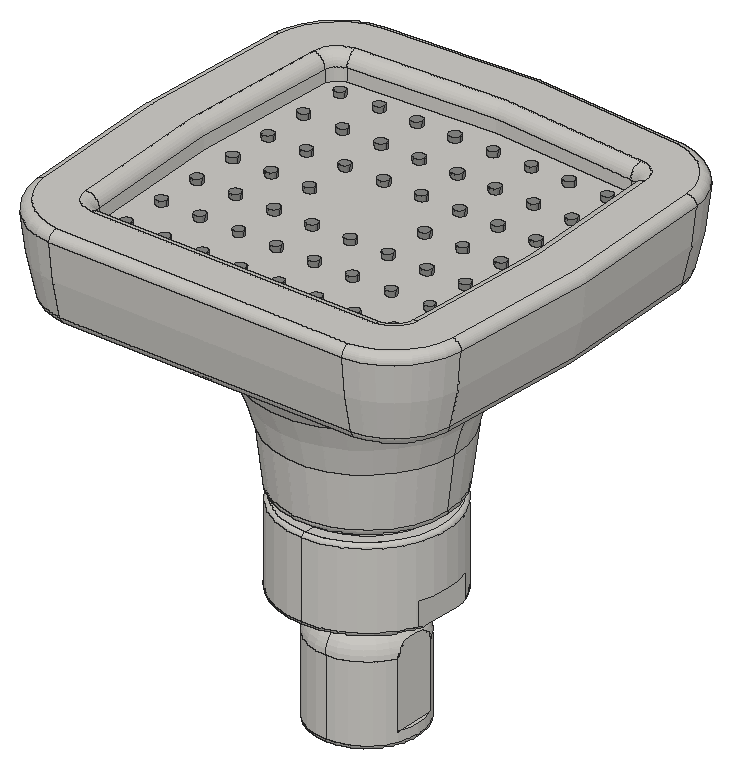
Revit family "Shower-Showerhead-KALLISTA-PER_SE-P24760_1", category Plumbing Fixtures, host Face, Revit 2022
Family settings
  Host = Face
  Round Connector Dimension = Use Diameter
  Part Type = Normal
  OmniClass Number = 23.31.17.00
  OmniClass Title = Showers
  Cut with Voids When Loaded = No
  Maintain Annotation Orientation = No
  Shared = No
  Room Calculation Point = No
Parameters (values of type "AD-Nickel Silver")
  Width = 4 65/256"  # constant formula
  WaterSense Certified = 1 = 1  # yes
  Waste Water Outlet = "Waste Water Outlet"  # constant formula
  Waste Connection = 1 = 0  # no
  Vent Connection = 1 = 0  # no
  URL = "https://www.kallista.com/"
  Type = 1
  Tempered Water Inlet = "Tempered Water Inlet"  # constant formula
  Product Page URL = "https://www.kallista.com/bathroom/showering/showerheads/per-se-air-induction-showerhead-less-arm-p24760-00-ad"
  Product Name = "PER SE"  # constant formula
  Product Documentation Link = "https://resources.kohler.com/interiors/kallista/pdf/1344669-4.pdf"
  Pressure = 0.00 psi
  Panel Thickness = 0"
  Model = if(Type = 1, "P24760-00-AD", if(Type = 2, "P24760-00-AF", if(Type = 3, "P24760-00-AG", if(Type = 4, "P24760-00-CP", if(Type = 5, "P24760-00-SN", "NA")))))  # "P24760-00-AD"
  Material = "Premium Metal Construction"  # constant formula
  Master Format 2014 Name = "Residential Showers"  # constant formula
  Master Format 2014 = "22 42 23"  # constant formula
  Manufacturer Address = "444 Highland Dr, Kohler, WI 53044"  # constant formula
  Manufacturer = "Kallista Co."  # constant formula
  Length = 4 65/256"  # constant formula
  Hot Water Inlet = "Hot Water Inlet"  # constant formula
  Height = 4.25197"  # constant formula
  HW Connection = 1 = 1  # yes
  Flow Rate = 1.75 GPM  # constant formula
  Finish = Kallista-Metal-AD-Nickel_Silver
  Environmental Product Declaration = ""
  Drain Included = 1 = 0  # no
  Description = "AIR-INDUCTION SHOWERHEAD, LESS ARM"  # constant formula
  Default Elevation = 72"
  Declare Label = ""
  Date Modified = "03/26/2022"  # constant formula
  Date Created = "03/26/2022"  # constant formula
  Copyright = "Copyright Kallista Co."  # constant formula
  Contact Us = "https://www.kallista.com/corporate/contact-us/"
  Cold Water Inlet = "Cold Water Inlet"  # constant formula
  CW Connection = 1 = 0  # no
  Assembly Code = "D2010700"
  ADA Compliant = 1 = 0  # no
Types (6): name | Type | Product Page URL | Model | Finish
  (no name) | 1 | "https://www.kallista.com/bathroom/showering/showerheads/per-se-air-induction-showerhead-less-arm-p24760-00-ad" | "P24760-00-AD" | Kallista-Metal-AD-Nickel_Silver
  AF-French Gold | 2 | "https://www.kallista.com/bathroom/showering/showerheads/per-se-air-induction-showerhead-less-arm-p24760-00-af" | "P24760-00-AF" | Kallista-Metal-AF-French_Gold
  SN-Polished Nickel | 5 | "https://www.kallista.com/bathroom/showering/showerheads/per-se-air-induction-showerhead-less-arm-p24760-00-cp" | "P24760-00-SN" | Kallista-Metal-SN-Polished_Nickel
  CP-Polished Chrome | 4 | "https://www.kallista.com/bathroom/showering/showerheads/per-se-air-induction-showerhead-less-arm-p24760-00-cp" | "P24760-00-CP" | Kallista-Metal-CP-Chrome
  AD-Nickel Silver | 1 | "https://www.kallista.com/bathroom/showering/showerheads/per-se-air-induction-showerhead-less-arm-p24760-00-ad" | "P24760-00-AD" | Kallista-Metal-AD-Nickel_Silver
  AG-Brushed Nickel | 3 | "https://www.kallista.com/bathroom/showering/showerheads/per-se-air-induction-showerhead-less-arm-p24760-00-ag" | "P24760-00-AG" | Kallista-Metal-AG-Brushed_Nickel
Reference planes (in)
  plane 1 "Center (Front/Back)": y = 0
  plane 2: z = 0
  plane 3 "Center (Left/Right)": x = 0
  plane 4: y = 2.12598
  plane 5: y = -2.12598
  plane 6: x = -2.12598
  plane 7: x = 2.12792
  plane 8: z = 4.56693
Dimensions and locks (in)
  "Width": plane 6 to plane 7
  "Height": plane 4 to plane 5
  locked: plane 8 to plane 2 at 4.56693
  aligned and locked: plane 2 to host face
  aligned and locked: level to host face
Automatic sketch dimensions
  host sketch curve to host sketch curve = 96"  (x2)
Nested families (in)
  nested 1: "P24760" at (0, 0, 0), type "P24760"
Connectors (in)
  piping at (0, 0, 0), diameter 0.5, driven by "Flow Rate", driven by "WaterSense Certified", driven by "Tempered Water Inlet"
    settings: on nested 1, index 1, connector inside diameter 24", connector length 0", flow factor 0, pipe flow 1.75 GPM, pressure drop 0.00 psi, fitting loss kfactor 0, connector angle 0.00°, fixture units 0, engagement length 0", angle of deflection 0.00°, flow configuration 1, flow direction 1, fitting loss method 0, system type 19, joint type 0, gender type 0, connector reference index -1, connector utility 1, adjustable connector no, is connector primary yes, connector description "Tempered Water Inlet"
Definition of nested family "P24760"
  Parameters (values of type "P24760")
    Material = none
    Default Elevation = 0"
  Reference planes (in)
    plane 1 "Center (Front/Back)": y = 0
    plane 2: z = 0
    plane 3 "Center (Left/Right)": x = 0
    plane 4: x = -2.12598
    plane 5: x = 2.12598
    plane 6: y = 2.12598
    plane 7: y = -2.12598
    plane 8: z = 4.56693
  Forms (in)
    Sweep 1, solid, material <- "Material", detail levels medium+fine
      path origin (0, 0, 4.58125) x (0, 1, 0) y (-1, 0, 0)
        loop
          arc (2.03218, -1.43511) -> (2.12598, 0.001) -> (2.03324, 1.43717) r 11.10229
          arc (2.03324, 1.43717) -> (1.82632, 1.85209) -> (1.40716, 2.05027) r 0.70866
          arc (1.40716, 2.05027) -> (-0.01416, 2.12596) -> (-1.43517, 2.04466) r 12.90338
          arc (-1.43517, 2.04466) -> (-1.86224, 1.83609) -> (-2.06149, 1.4046) r 0.70866
          arc (-2.06149, 1.4046) -> (-2.12599, -0.00384) -> (-2.06402, -1.41239) r 15.71824
          arc (-2.06402, -1.41239) -> (-1.86285, -1.84701) -> (-1.43117, -2.05442) r 0.70866
          arc (-1.43117, -2.05442) -> (-0.01248, -2.12602) -> (1.40585, -2.04771) r 13.46012
          arc (1.40585, -2.04771) -> (1.82502, -1.84979) -> (2.03218, -1.43511) r 0.70866
      profile origin (-0.001, 2.12598, 4.58125) x (-0.00037, -1, 0) y (0, 0, 1)
        loop
          arc (0.08749, 0) -> (0.02648, -0.02627) -> (0.00366, -0.08865) r 0.08396
          arc (0.00366, -0.08865) -> (0.04357, -0.43739) -> (0.1236, -0.77915) r 3.02597
          arc (0.1236, -0.77915) -> (0.16618, -0.84024) -> (0.23685, -0.86371) r 0.11811
          line (0.23685, -0.86371) -> (0.57067, -0.86371) -> (0.57067, -0.11691)
          arc (0.57067, -0.11691) -> (0.53643, -0.03424) -> (0.45376, 0) r 0.11691
          line (0.45376, 0) -> (0.08749, 0)
    Revolve 2, solid, material <- "Material", detail levels medium+fine
      sketch origin (0, 0, 4.58125) x (-1, 0, 0) y (0, 0, -1)
        loop
          line (0, 2.58564) -> (0, 0.74254) -> (1.96707, 0.74254)
          arc (1.96707, 0.74254) -> (1.89842, 0.83726) -> (1.8037, 0.90592) r 0.37138
          arc (1.8037, 0.90592) -> (1.52669, 1.06486) -> (1.26762, 1.25162) r 3.08175
          arc (1.26762, 1.25162) -> (1.13201, 1.3838) -> (1.02417, 1.53946) r 0.98622
          arc (1.02417, 1.53946) -> (0.91664, 1.77221) -> (0.84606, 2.0187) r 1.66741
          arc (0.84606, 2.0187) -> (0.80398, 2.27282) -> (0.7812, 2.5294) r 3.40938
          arc (0.7812, 2.5294) -> (0.76285, 2.56933) -> (0.72203, 2.58564) r 0.05925
          line (0.72203, 2.58564) -> (0, 2.58564)
        axis (0, 0.74254) -> (0, 2.58564)
      angle from 0 to 360
    Revolve 3, solid, material <- "Material", detail levels medium+fine
      sketch origin (0, 0, 0) x (0, 1, 0) y (0, 0, 1)
        loop
          line (0, 0) -> (0.4604, 0)
          arc (0.4604, 0) -> (0.48573, 0.01049) -> (0.49623, 0.03583) r 0.03583
          line (0.49623, 0.03583) -> (0.49623, 0.75506)
          arc (0.49623, 0.75506) -> (0.45848, 0.87978) -> (0.35789, 0.96263) r 0.2249
          arc (0.35789, 0.96263) -> (0.31426, 1.016) -> (0.33431, 1.08195) r 0.0732
          line (0.33431, 1.08195) -> (0.38734, 1.13498) -> (0.75015, 1.13498)
          arc (0.75015, 1.13498) -> (0.76911, 1.14284) -> (0.77697, 1.1618) r 0.02682
          line (0.77697, 1.1618) -> (0.77697, 1.88573)
          arc (0.77697, 1.88573) -> (0.76623, 1.91165) -> (0.74031, 1.92239) r 0.03665
          line (0.74031, 1.92239) -> (0.63883, 1.92239) -> (0.63883, 1.99562) -> (0, 1.99562) -> (0, 0)
        axis (0, 1.99562) -> (0, 0)
      angle from 0 to 360
    Extrusion 4, solid, material <- "Material", detail levels medium+fine
      sketch origin (0, 0, 0) x (1, 0, 0) y (0, 1, 0)
        loop
          arc (-1.35295, -1.49316) -> (0.00435, -1.55532) -> (1.36177, -1.4956) r 15.14757
          arc (1.36177, -1.4956) -> (1.4464, -1.45643) -> (1.48678, -1.37237) r 0.13799
          arc (1.48678, -1.37237) -> (1.55535, -0.01383) -> (1.48037, 1.34437) r 12.88946
          arc (1.48037, 1.34437) -> (1.44183, 1.42599) -> (1.36108, 1.46633) r 0.13799
          arc (1.36108, 1.46633) -> (-0.00121, 1.55532) -> (-1.36356, 1.46734) r 10.53162
          arc (-1.36356, 1.46734) -> (-1.44436, 1.42704) -> (-1.48295, 1.34542) r 0.13799
          arc (-1.48295, 1.34542) -> (-1.5553, -0.01304) -> (-1.47759, -1.3712) r 12.33271
          arc (-1.47759, -1.3712) -> (-1.43697, -1.45436) -> (-1.35295, -1.49316) r 0.13799
      from 3.71754 to 4.3461
    Extrusion 5, void
      sketch origin (0, 0, 0) x (1, 0, 0) y (0, 1, 0)
        loop
          line (0.72458, -0.61312) -> (1.31513, -0.61312) -> (1.31513, 0.51539) -> (0.72458, 0.51539) -> (0.72458, -0.61312)
        loop
          line (-0.72303, -0.69784) -> (-0.72303, 0.51539) -> (-1.51043, 0.51539) -> (-1.51043, -0.69784) -> (-0.72303, -0.69784)
      from 0.92844 to 1.38652
    Extrusion 6, void
      sketch origin (0, 0, 0) x (1, 0, 0) y (0, 1, 0)
        loop
          line (-0.45392, 0.34111) -> (-0.80731, 0.34111) -> (-0.80731, -0.40443) -> (-0.45392, -0.40443) -> (-0.45392, 0.34111)
        loop
          line (0.45522, 0.34111) -> (0.45522, -0.35541) -> (0.70151, -0.35541) -> (0.73801, 0.34111) -> (0.45522, 0.34111)
      from 0.1285 to 0.98828
    Extrusion 7, solid, detail levels medium+fine
      sketch origin (0, 0, 0) x (1, 0, 0) y (0, 1, 0)
        loop
          circle (-1.28445, 1.28271) r 0.04959
        loop
          circle (-0.91425, 1.29087) r 0.04938
        loop
          circle (-0.54946, 1.28873) r 0.05191
        loop
          circle (-0.18395, 1.28731) r 0.05317
        loop
          circle (0.18155, 1.28802) r 0.04887
        loop
          circle (0.54786, 1.28938) r 0.05131
        loop
          circle (0.91154, 1.28877) r 0.05192
        loop
          circle (1.28203, 1.28443) r 0.05015
        loop
          circle (-1.28992, 0.85091) r 0.05107
        loop
          circle (-0.91773, 0.85374) r 0.0513
        loop
          circle (-0.54836, 0.85751) r 0.05197
        loop
          circle (-0.18255, 0.85657) r 0.05189
        loop
          circle (0.18224, 0.85871) r 0.05329
        loop
          circle (0.54632, 0.85638) r 0.05111
        loop
          circle (0.91643, 0.85389) r 0.05111
        loop
          circle (1.28938, 0.85069) r 0.05181
        loop
          circle (-1.28907, 0.42636) r 0.05138
        loop
          circle (-0.91999, 0.42474) r 0.05028
        loop
          circle (-0.55133, 0.42718) r 0.05056
        loop
          circle (-0.18144, 0.4284) r 0.05253
        loop
          circle (0.18257, 0.42877) r 0.05076
        loop
          circle (0.54883, 0.42832) r 0.05241
        loop
          circle (0.91956, 0.42561) r 0.05214
        loop
          circle (1.28519, 0.42559) r 0.05111
        loop
          circle (-1.28973, 0) r 0.05263
        loop
          circle (-0.91838, 0) r 0.05219
        loop
          circle (-0.54952, 0) r 0.05014
        loop
          circle (0.55358, 0) r 0.05296
        loop
          circle (0.92042, 0) r 0.04917
        loop
          circle (1.28978, 0) r 0.05129
        loop
          circle (-1.29061, -0.42564) r 0.05168
        loop
          circle (-0.92088, -0.42564) r 0.05067
        loop
          circle (-0.54829, -0.42851) r 0.05364
        loop
          circle (-0.18142, -0.43137) r 0.05189
        loop
          circle (0.18344, -0.42823) r 0.05181
        loop
          circle (0.54737, -0.42926) r 0.05057
        loop
          circle (0.9205, -0.43088) r 0.05244
        loop
          circle (1.28801, -0.42594) r 0.05127
        loop
          circle (-1.29037, -0.85285) r 0.0508
        loop
          circle (-0.91864, -0.85554) r 0.05067
        loop
          circle (-0.5451, -0.85656) r 0.048
        loop
          circle (-0.18204, -0.86008) r 0.04731
        loop
          circle (0.18167, -0.85914) r 0.0493
        loop
          circle (0.54632, -0.8582) r 0.05069
        loop
          circle (0.9177, -0.85617) r 0.04852
        loop
          circle (1.2883, -0.85506) r 0.04614
        loop
          circle (-1.28289, -1.28448) r 0.0513
        loop
          circle (-0.91336, -1.28776) r 0.0508
        loop
          circle (-0.55112, -1.28451) r 0.04937
        loop
          circle (-0.18134, -1.28879) r 0.05117
        loop
          circle (0.17989, -1.28594) r 0.04845
        loop
          circle (0.5461, -1.28879) r 0.05155
        loop
          circle (0.90987, -1.29095) r 0.04825
        loop
          circle (1.28346, -1.28662) r 0.05121
      from 4.22743 to 4.38921
    Extrusion 8, solid, material <- "Material", detail levels coarse
      sketch origin (0, 0, 0) x (1, 0, 0) y (0, 1, 0)
        loop
          arc (-1.36795, 2.03281) -> (-1.82059, 1.80611) -> (-2.04166, 1.35069) r 0.7874
          arc (-2.04166, 1.35069) -> (-2.12656, -0.00944) -> (-2.04177, -1.36958) r 10.94372
          arc (-2.04177, -1.36958) -> (-1.81155, -1.83416) -> (-1.3424, -2.05488) r 0.7874
          arc (-1.3424, -2.05488) -> (0.00352, -2.12599) -> (1.34962, -2.05845) r 13.10192
          arc (1.34962, -2.05845) -> (1.82371, -1.83471) -> (2.05226, -1.36293) r 0.7874
          arc (2.05226, -1.36293) -> (2.12594, -0.01023) -> (2.04433, 1.34201) r 11.81786
          arc (2.04433, 1.34201) -> (1.82523, 1.80023) -> (1.37193, 2.02935) r 0.7874
          arc (1.37193, 2.02935) -> (0.00211, 2.12598) -> (-1.36795, 2.03281) r 9.93519
      from 3.71754 to 4.56693
    Extrusion 9, solid, material <- "Material", detail levels coarse
      sketch origin (0, 0, 0) x (1, 0, 0) y (0, 1, 0)
        loop
          circle (0, 0) r 0.77697
      from 1.13498 to 3.71754
    Extrusion 10, solid, material <- "Material", detail levels coarse
      sketch origin (0, 0, 0) x (1, 0, 0) y (0, 1, 0)
        loop
          circle (0, 0) r 0.49623
      from 0 to 1.13498
    Extrusion 11, solid, material <- "Material", detail levels medium+fine
      sketch origin (0, 0, 0) x (1, 0, 0) y (0, 1, 0)
        loop
          circle (0, 0) r 0.19685
      from 0 to 0.0985
    Extrusion 12, solid, material <- "Material"
      sketch origin (0, 0, 0) x (1, 0, 0) y (0, 1, 0)
        loop
          circle (0, 0) r 0.19685
      from 0 to 0.07637
  Cuts and joins
    Extrusion 5, Extrusion 6 cuts Revolve 3
    joined: Sweep 1, Revolve 2, Extrusion 4
  Lines and regions (in)
    Masking region 1
      outline origin (0, 0, 0) x (1, 0, 0) y (0, 1, 0)
        loop
          arc (-1.36888, 2.04064) -> (-1.83403, 1.81018) -> (-2.05466, 1.34028) r 0.7874
          arc (-2.05466, 1.34028) -> (-2.12602, -0.01073) -> (-2.06139, -1.36209) r 13.46012
          arc (-2.06139, -1.36209) -> (-1.83087, -1.84543) -> (-1.34453, -2.06956) r 0.7874
          arc (-1.34453, -2.06956) -> (-0.0057, -2.12599) -> (1.33306, -2.06783) r 15.67138
          arc (1.33306, -2.06783) -> (1.81494, -1.84717) -> (2.04779, -1.37106) r 0.7874
          arc (2.04779, -1.37106) -> (2.12594, -0.01455) -> (2.05723, 1.34248) r 12.57087
          arc (2.05723, 1.34248) -> (1.83609, 1.81177) -> (1.37101, 2.04164) r 0.7874
          arc (1.37101, 2.04164) -> (0.00104, 2.12598) -> (-1.36888, 2.04064) r 11.10229
    Masking region 2
      outline origin (0, 0, 0) x (1, 0, 0) y (0, 0, 1)
        loop
          arc (-2.05548, 4.56693) -> (-2.10356, 4.54602) -> (-2.12107, 4.4966) r 0.06575
          line (-2.12107, 4.4966) -> (-2.1159, 4.42273)
          arc (-2.1159, 4.42273) -> (-2.0761, 4.1063) -> (-2.0016, 3.79619) r 2.88427
          arc (-2.0016, 3.79619) -> (-1.95065, 3.73098) -> (-1.86898, 3.71754) r 0.11379
          arc (-1.86898, 3.71754) -> (-1.61946, 3.57544) -> (-1.39076, 3.4018) r 2.18176
          arc (-1.39076, 3.4018) -> (-0.98568, 2.95113) -> (-0.81815, 2.36878) r 1.35195
          line (-0.81815, 2.36878) -> (-0.78092, 2.04633)
          arc (-0.78092, 2.04633) -> (-0.75869, 2.00638) -> (-0.71473, 1.99384) r 0.05974
          line (-0.71473, 1.99384) -> (-0.63885, 1.99384) -> (-0.63885, 1.92239) -> (-0.74196, 1.92239)
          arc (-0.74196, 1.92239) -> (-0.7674, 1.91185) -> (-0.77794, 1.88641) r 0.03598
          line (-0.77794, 1.88641) -> (-0.77794, 1.38652) -> (-0.72458, 1.38652) -> (-0.72458, 1.13498) -> (-0.38734, 1.13498) -> (-0.32858, 1.07623)
          arc (-0.32858, 1.07623) -> (-0.30912, 1.02925) -> (-0.32858, 0.98226) r 0.06644
          arc (-0.32858, 0.98226) -> (-0.34177, 0.97144) -> (-0.35681, 0.96339) r 0.08713
          arc (-0.35681, 0.96339) -> (-0.41187, 0.93161) -> (-0.4569, 0.88672) r 0.24484
          line (-0.4569, 0.88672) -> (-0.4569, 0.12777) -> (-0.49556, 0.12777) -> (-0.49556, 0.03286)
          arc (-0.49556, 0.03286) -> (-0.48383, 0.00749) -> (-0.4569, 0) r 0.0333
          line (-0.4569, 0) -> (0.4569, 0)
          arc (0.4569, 0) -> (0.48383, 0.00749) -> (0.49556, 0.03286) r 0.0333
          line (0.49556, 0.03286) -> (0.49556, 0.12777) -> (0.4569, 0.12777) -> (0.4569, 0.88672)
          arc (0.4569, 0.88672) -> (0.41187, 0.93161) -> (0.35681, 0.96339) r 0.24484
          arc (0.35681, 0.96339) -> (0.34177, 0.97144) -> (0.32858, 0.98226) r 0.08713
          arc (0.32858, 0.98226) -> (0.30912, 1.02925) -> (0.32858, 1.07623) r 0.06644
          line (0.32858, 1.07623) -> (0.38734, 1.13498) -> (0.72458, 1.13498) -> (0.72458, 1.38652) -> (0.77794, 1.38652) -> (0.77794, 1.88641)
          arc (0.77794, 1.88641) -> (0.7674, 1.91185) -> (0.74196, 1.92239) r 0.03598
          line (0.74196, 1.92239) -> (0.63885, 1.92239) -> (0.63885, 1.99384) -> (0.71473, 1.99384)
          arc (0.71473, 1.99384) -> (0.75869, 2.00638) -> (0.78092, 2.04633) r 0.05974
          line (0.78092, 2.04633) -> (0.81815, 2.36878)
          arc (0.81815, 2.36878) -> (0.98568, 2.95113) -> (1.39076, 3.4018) r 1.35195
          arc (1.39076, 3.4018) -> (1.61946, 3.57544) -> (1.86898, 3.71754) r 2.18176
          arc (1.86898, 3.71754) -> (1.95065, 3.73098) -> (2.0016, 3.79619) r 0.11379
          arc (2.0016, 3.79619) -> (2.0761, 4.1063) -> (2.1159, 4.42273) r 2.88427
          line (2.1159, 4.42273) -> (2.12107, 4.4966)
          arc (2.12107, 4.4966) -> (2.10356, 4.54602) -> (2.05548, 4.56693) r 0.06575
          line (2.05548, 4.56693) -> (-2.05548, 4.56693)
    Masking region 3
      outline origin (0, 0, 0) x (0, 1, 0) y (0, 0, 1)
        loop
          line (2.08381, 4.56693) -> (-2.08381, 4.56693)
          arc (-2.08381, 4.56693) -> (-2.11838, 4.51944) -> (-2.11833, 4.4607) r 0.09477
          arc (-2.11833, 4.4607) -> (-2.08388, 4.13512) -> (-2.00551, 3.81724) r 2.40395
          arc (-2.00551, 3.81724) -> (-1.9535, 3.74514) -> (-1.86898, 3.71754) r 0.14344
          arc (-1.86898, 3.71754) -> (-1.55111, 3.52674) -> (-1.24751, 3.31396) r 5.24432
          arc (-1.24751, 3.31396) -> (-0.89979, 2.73749) -> (-0.79562, 2.07239) r 1.74868
          arc (-0.79562, 2.07239) -> (-0.77569, 2.01852) -> (-0.72351, 1.99453) r 0.07504
          line (-0.72351, 1.99453) -> (-0.63887, 1.99453) -> (-0.63887, 1.92004) -> (-0.73703, 1.92004)
          arc (-0.73703, 1.92004) -> (-0.76583, 1.90811) -> (-0.77776, 1.87931) r 0.04073
          line (-0.77776, 1.87931) -> (-0.77776, 1.17096)
          arc (-0.77776, 1.17096) -> (-0.76722, 1.14552) -> (-0.74178, 1.13498) r 0.03598
          line (-0.74178, 1.13498) -> (-0.38734, 1.13498) -> (-0.33141, 1.07905)
          arc (-0.33141, 1.07905) -> (-0.31092, 1.02959) -> (-0.33141, 0.98013) r 0.06995
          arc (-0.33141, 0.98013) -> (-0.34344, 0.9705) -> (-0.35729, 0.96374) r 0.06995
          arc (-0.35729, 0.96374) -> (-0.46132, 0.8824) -> (-0.49623, 0.75506) r 0.21
          line (-0.49623, 0.75506) -> (-0.49623, 0.04314)
          arc (-0.49623, 0.04314) -> (-0.48359, 0.01263) -> (-0.45309, 0) r 0.04314
          line (-0.45309, 0) -> (0.45427, 0)
          arc (0.45427, 0) -> (0.48394, 0.01229) -> (0.49623, 0.04195) r 0.04195
          line (0.49623, 0.04195) -> (0.49623, 0.75506)
          arc (0.49623, 0.75506) -> (0.46132, 0.8824) -> (0.35729, 0.96374) r 0.21
          arc (0.35729, 0.96374) -> (0.34344, 0.9705) -> (0.33141, 0.98013) r 0.06995
          arc (0.33141, 0.98013) -> (0.31092, 1.02959) -> (0.33141, 1.07905) r 0.06995
          line (0.33141, 1.07905) -> (0.38734, 1.13498) -> (0.74178, 1.13498)
          arc (0.74178, 1.13498) -> (0.76722, 1.14552) -> (0.77776, 1.17096) r 0.03598
          line (0.77776, 1.17096) -> (0.77776, 1.87931)
          arc (0.77776, 1.87931) -> (0.76583, 1.90811) -> (0.73703, 1.92004) r 0.04073
          line (0.73703, 1.92004) -> (0.63887, 1.92004) -> (0.63887, 1.99453) -> (0.72351, 1.99453)
          arc (0.72351, 1.99453) -> (0.77569, 2.01852) -> (0.79562, 2.07239) r 0.07504
          arc (0.79562, 2.07239) -> (0.89979, 2.73749) -> (1.24751, 3.31396) r 1.74868
          arc (1.24751, 3.31396) -> (1.55111, 3.52674) -> (1.86898, 3.71754) r 5.24432
          arc (1.86898, 3.71754) -> (1.9535, 3.74514) -> (2.00551, 3.81724) r 0.14344
          arc (2.00551, 3.81724) -> (2.08388, 4.13512) -> (2.11833, 4.4607) r 2.40395
          arc (2.11833, 4.4607) -> (2.11838, 4.51944) -> (2.08381, 4.56693) r 0.09477
    Masking region 4
      outline origin (0, 0, 0) x (1, 0, 0) y (0, 1, 0)
        loop
          arc (-1.50053, 2.00463) -> (-1.84588, 1.82435) -> (-2.01916, 1.47543) r 0.62992
          arc (-2.01916, 1.47543) -> (-2.12594, -0.01628) -> (-2.00829, -1.50718) r 9.96592
          arc (-2.00829, -1.50718) -> (-1.82573, -1.8615) -> (-1.46703, -2.03531) r 0.62992
          arc (-1.46703, -2.03531) -> (0.00021, -2.12658) -> (1.46645, -2.0205) r 10.95033
          arc (1.46645, -2.0205) -> (1.81814, -1.84822) -> (2.00007, -1.50143) r 0.62992
          arc (2.00007, -1.50143) -> (2.12598, -0.00784) -> (2.00345, 1.48603) r 9.0435
          arc (2.00345, 1.48603) -> (1.82804, 1.82756) -> (1.48694, 2.00382) r 0.62992
          arc (1.48694, 2.00382) -> (-0.00676, 2.12923) -> (-1.50053, 2.00463) r 8.98681
    symbolic lines, detail levels medium+fine
      curve 1: line (-1.86898, 0, 3.71754) -> (1.86898, 0, 3.71754)
      curve 2: line (-0.63883, 0, 1.92239) -> (0.63885, 0, 1.92239)
      curve 3: line (-0.63885, 0, 1.99384) -> (0.63885, 0, 1.99384)
      curve 4: line (-0.38734, 0, 1.13498) -> (0.38734, 0, 1.13498)
      curve 5: line (-2.0016, 0, 3.79619) -> (2.0016, 0, 3.79619)
      curve 6: line (-0.49556, 0, 0.03286) -> (0.49556, 0, 0.03286)
      curve 7: line (-0.45392, 0, 0.88668) -> (0.45476, 0, 0.88668)
      curve 8: line (-0.35796, 0, 1.10561) -> (0.35796, 0, 1.10561)
      curve 9: arc (-0.35796, 0, 1.92239) -> (-0.50167, 0, 2.89512) -> (-0.89527, 0, 3.79619) r 3.71923
      curve 10: arc (0.35796, 0, 1.92239) -> (0.51161, 0, 2.89989) -> (0.93084, 0, 3.79619) r 3.52568
      curve 11: line (-0.89527, 0, 3.79619) -> (-0.89527, 0, 4.56693)
      curve 12: line (0.93084, 0, 3.79619) -> (0.93084, 0, 4.56693)
      curve 13: line (0, 1.88914, 3.71754) -> (0, -1.86898, 3.71754)
      curve 14: line (0, 2.00551, 3.81724) -> (0, -1.93149, 3.81724)
      curve 15: line (0, 0.79562, 2.07239) -> (0, -0.79562, 2.07239)
      curve 16: line (0, 0.63887, 1.99453) -> (0, -0.63887, 1.99453)
      curve 17: line (0, 0.63887, 1.92004) -> (0, -0.63887, 1.92004)
      curve 18: line (0, 0.38734, 1.13498) -> (0, -0.38734, 1.13498)
      curve 19: line (0, 0.33141, 1.07905) -> (0, -0.33141, 1.07905)
      curve 20: line (0, 0.49623, 0.75506) -> (0, -0.49623, 0.75506)
      curve 21: line (0, 0.33141, 1.38652) -> (0, -0.33141, 1.38652)
      curve 22: line (0, -0.33141, 1.13498) -> (0, -0.33141, 1.38652)
      curve 23: line (0, 0.33141, 1.13498) -> (0, 0.33141, 1.38652)
      curve 24: line (0, 0.20048, 0.1285) -> (0, 0.20048, 0.75506)
      curve 25: line (0, -0.20048, 0.1285) -> (0, -0.20048, 0.75506)
      curve 26: line (0, 0.20048, 0.1285) -> (0, -0.20048, 0.1285)
      curve 27: arc (0, 0.20048, 0.75506) -> (0, 0, 0.95554) -> (0, -0.20048, 0.75506) r 0.20048
      curve 28: arc (0, 0.33141, 2.07239) -> (0, 0.449, 3.01759) -> (0, 0.96648, 3.81724) r 2.13187
      curve 29: arc (0, -0.33141, 2.07239) -> (0, -0.42721, 3.02552) -> (0, -0.96648, 3.81724) r 1.94447
      curve 30: line (0, 0.96648, 3.81724) -> (0, 0.96648, 4.56693)
      curve 31: line (0, -0.96648, 3.81724) -> (0, -0.96648, 4.56693)
      curve 32: arc (-0.98433, 1.50969, 0) -> (-0.00102, 1.55532, 0) -> (0.98227, 1.50893, 0) r 10.53162
      curve 33: arc (-1.5182, 0.96749, 0) -> (-1.55531, -0.00713, 0) -> (-1.51528, -0.98164, 0) r 12.33271
      curve 34: arc (-0.96497, -1.5234, 0) -> (0.00226, -1.55532, 0) -> (0.96957, -1.52541, 0) r 15.14757
      curve 35: arc (1.52146, -0.97884, 0) -> (1.55533, -0.00565, 0) -> (1.51563, 0.96733, 0) r 12.88946
      curve 36: arc (-1.5182, 0.96749, 0) -> (-1.35023, 1.33603, 0) -> (-0.98433, 1.50969, 0) r 0.59055
      curve 37: arc (0.98227, 1.50893, 0) -> (1.34767, 1.33535, 0) -> (1.51563, 0.96733, 0) r 0.59055
      curve 38: arc (-0.96497, -1.5234, 0) -> (-1.34095, -1.35493, 0) -> (-1.51528, -0.98164, 0) r 0.59055
      curve 39: arc (0.96957, -1.52541, 0) -> (1.34802, -1.35563, 0) -> (1.52146, -0.97884, 0) r 0.59055
      curve 40: arc (-1.5967, 0.97359, 0) -> (-1.40634, 1.39128, 0) -> (-0.99166, 1.58809, 0) r 0.66929
      curve 41: arc (-0.99166, 1.58809, 0) -> (-0.00099, 1.63406, 0) -> (0.98965, 1.58732, 0) r 10.61036
      curve 42: arc (0.98965, 1.58732, 0) -> (1.40377, 1.3906, 0) -> (1.59413, 0.97351, 0) r 0.66929
      curve 43: arc (1.6, -0.98455, 0) -> (1.63407, -0.00541, 0) -> (1.59413, 0.97351, 0) r 12.9682
      curve 44: arc (0.97451, -1.60399, 0) -> (1.40342, -1.41158, 0) -> (1.6, -0.98455, 0) r 0.66929
      curve 45: arc (-0.97008, -1.60197, 0) -> (0.00218, -1.63406, 0) -> (0.97451, -1.60399, 0) r 15.22631
      curve 46: arc (-0.97008, -1.60197, 0) -> (-1.39619, -1.41105, 0) -> (-1.59377, -0.98798, 0) r 0.66929
      curve 47: arc (-1.5967, 0.97359, 0) -> (-1.63405, -0.00725, 0) -> (-1.59377, -0.98798, 0) r 12.41145
      curve 48: arc (-1.24565, 1.91218, 0) -> (0.0116, 2.00776, 0) -> (1.26782, 1.89933, 0) r 7.79294
      curve 49: arc (1.91741, 1.22657, 0) -> (1.99571, -0.02402, 0) -> (1.89991, -1.2734, 0) r 9.01841
      curve 50: arc (1.2104, -1.9411, 0) -> (-0.01177, -2.00395, 0) -> (-1.23224, -1.91379, 0) r 9.78815
      curve 51: arc (-1.90512, -1.24238, 0) -> (-1.99066, 0.00138, 0) -> (-1.90226, 1.24494, 0) r 8.93581
      curve 52: arc (-1.90226, 1.24494, 0) -> (-1.68388, 1.68673, 0) -> (-1.24565, 1.91218, 0) r 0.7874
      curve 53: arc (1.26782, 1.89933, 0) -> (1.7033, 1.66983, 0) -> (1.91741, 1.22657, 0) r 0.7874
      curve 54: arc (-1.23224, -1.91379, 0) -> (-1.68142, -1.69108, 0) -> (-1.90512, -1.24238, 0) r 0.7874
      curve 55: arc (1.2104, -1.9411, 0) -> (1.66865, -1.72446, 0) -> (1.89991, -1.2734, 0) r 0.7874
      curve 56: arc (-1.33404, 1.28271, 0) -> (-1.28445, 1.23312, 0) -> (-1.23486, 1.28271, 0) r 0.04959
      curve 57: arc (-1.23486, 1.28271, 0) -> (-1.28445, 1.3323, 0) -> (-1.33404, 1.28271, 0) r 0.04959
      curve 58: arc (-0.86487, 1.29087, 0) -> (-0.91425, 1.34025, 0) -> (-0.96363, 1.29087, 0) r 0.04938
      curve 59: arc (-0.96363, 1.29087, 0) -> (-0.91425, 1.24149, 0) -> (-0.86487, 1.29087, 0) r 0.04938
      curve 60: arc (-0.49755, 1.28873, 0) -> (-0.54946, 1.34064, 0) -> (-0.60137, 1.28873, 0) r 0.05191
      curve 61: arc (-0.60137, 1.28873, 0) -> (-0.54946, 1.23683, 0) -> (-0.49755, 1.28873, 0) r 0.05191
      curve 62: arc (-0.13078, 1.28731, 0) -> (-0.18395, 1.34048, 0) -> (-0.23713, 1.28731, 0) r 0.05317
      curve 63: arc (-0.23713, 1.28731, 0) -> (-0.18395, 1.23414, 0) -> (-0.13078, 1.28731, 0) r 0.05317
      curve 64: arc (0.13268, 1.28802, 0) -> (0.18155, 1.23915, 0) -> (0.23042, 1.28802, 0) r 0.04887
      curve 65: arc (0.23042, 1.28802, 0) -> (0.18155, 1.33689, 0) -> (0.13268, 1.28802, 0) r 0.04887
      curve 66: arc (0.49655, 1.28938, 0) -> (0.54786, 1.23807, 0) -> (0.59918, 1.28938, 0) r 0.05131
      curve 67: arc (0.59918, 1.28938, 0) -> (0.54786, 1.3407, 0) -> (0.49655, 1.28938, 0) r 0.05131
      curve 68: arc (0.85962, 1.28877, 0) -> (0.91154, 1.23684, 0) -> (0.96346, 1.28877, 0) r 0.05192
      curve 69: arc (0.96346, 1.28877, 0) -> (0.91154, 1.34069, 0) -> (0.85962, 1.28877, 0) r 0.05192
      curve 70: arc (1.23189, 1.28443, 0) -> (1.28203, 1.23428, 0) -> (1.33218, 1.28443, 0) r 0.05015
      curve 71: arc (1.33218, 1.28443, 0) -> (1.28203, 1.33457, 0) -> (1.23189, 1.28443, 0) r 0.05015
      curve 72: arc (1.34119, 0.85069, 0) -> (1.28938, 0.90249, 0) -> (1.23757, 0.85069, 0) r 0.05181
      curve 73: arc (1.23757, 0.85069, 0) -> (1.28938, 0.79888, 0) -> (1.34119, 0.85069, 0) r 0.05181
      curve 74: arc (0.86532, 0.85389, 0) -> (0.91643, 0.80278, 0) -> (0.96753, 0.85389, 0) r 0.05111
      curve 75: arc (0.96753, 0.85389, 0) -> (0.91643, 0.90499, 0) -> (0.86532, 0.85389, 0) r 0.05111
      curve 76: arc (0.49522, 0.85638, 0) -> (0.54632, 0.80527, 0) -> (0.59743, 0.85638, 0) r 0.05111
      curve 77: arc (0.59743, 0.85638, 0) -> (0.54632, 0.90748, 0) -> (0.49522, 0.85638, 0) r 0.05111
      curve 78: arc (0.23553, 0.85871, 0) -> (0.18224, 0.912, 0) -> (0.12895, 0.85871, 0) r 0.05329
      curve 79: arc (0.12895, 0.85871, 0) -> (0.18224, 0.80542, 0) -> (0.23553, 0.85871, 0) r 0.05329
      curve 80: arc (-0.23444, 0.85657, 0) -> (-0.18255, 0.80468, 0) -> (-0.13066, 0.85657, 0) r 0.05189
      curve 81: arc (-0.13066, 0.85657, 0) -> (-0.18255, 0.90846, 0) -> (-0.23444, 0.85657, 0) r 0.05189
      curve 82: arc (-0.60033, 0.85751, 0) -> (-0.54836, 0.80554, 0) -> (-0.49639, 0.85751, 0) r 0.05197
      curve 83: arc (-0.49639, 0.85751, 0) -> (-0.54836, 0.90948, 0) -> (-0.60033, 0.85751, 0) r 0.05197
      curve 84: arc (-0.96903, 0.85374, 0) -> (-0.91773, 0.80243, 0) -> (-0.86642, 0.85374, 0) r 0.0513
      curve 85: arc (-0.86642, 0.85374, 0) -> (-0.91773, 0.90504, 0) -> (-0.96903, 0.85374, 0) r 0.0513
      curve 86: arc (-1.341, 0.85091, 0) -> (-1.28992, 0.79984, 0) -> (-1.23885, 0.85091, 0) r 0.05107
      curve 87: arc (-1.23885, 0.85091, 0) -> (-1.28992, 0.90198, 0) -> (-1.341, 0.85091, 0) r 0.05107
      curve 88: arc (-1.23768, 0.42636, 0) -> (-1.28907, 0.47775, 0) -> (-1.34045, 0.42636, 0) r 0.05138
      curve 89: arc (-1.34045, 0.42636, 0) -> (-1.28907, 0.37498, 0) -> (-1.23768, 0.42636, 0) r 0.05138
      curve 90: arc (-0.86971, 0.42474, 0) -> (-0.91999, 0.47502, 0) -> (-0.97027, 0.42474, 0) r 0.05028
      curve 91: arc (-0.97027, 0.42474, 0) -> (-0.91999, 0.37445, 0) -> (-0.86971, 0.42474, 0) r 0.05028
      curve 92: arc (-0.50077, 0.42718, 0) -> (-0.55133, 0.47774, 0) -> (-0.60189, 0.42718, 0) r 0.05056
      curve 93: arc (-0.60189, 0.42718, 0) -> (-0.55133, 0.37662, 0) -> (-0.50077, 0.42718, 0) r 0.05056
      curve 94: arc (-0.23397, 0.4284, 0) -> (-0.18144, 0.37587, 0) -> (-0.12891, 0.4284, 0) r 0.05253
      curve 95: arc (-0.12891, 0.4284, 0) -> (-0.18144, 0.48093, 0) -> (-0.23397, 0.4284, 0) r 0.05253
      curve 96: arc (0.13181, 0.42877, 0) -> (0.18257, 0.37802, 0) -> (0.23333, 0.42877, 0) r 0.05076
      curve 97: arc (0.23333, 0.42877, 0) -> (0.18257, 0.47953, 0) -> (0.13181, 0.42877, 0) r 0.05076
      curve 98: arc (0.49642, 0.42832, 0) -> (0.54883, 0.37592, 0) -> (0.60123, 0.42832, 0) r 0.05241
      curve 99: arc (0.60123, 0.42832, 0) -> (0.54883, 0.48073, 0) -> (0.49642, 0.42832, 0) r 0.05241
      curve 100: arc (0.86742, 0.42561, 0) -> (0.91956, 0.37346, 0) -> (0.9717, 0.42561, 0) r 0.05214
      curve 101: arc (0.9717, 0.42561, 0) -> (0.91956, 0.47775, 0) -> (0.86742, 0.42561, 0) r 0.05214
      curve 102: arc (1.23408, 0.42559, 0) -> (1.28519, 0.37448, 0) -> (1.3363, 0.42559, 0) r 0.05111
      curve 103: arc (1.3363, 0.42559, 0) -> (1.28519, 0.4767, 0) -> (1.23408, 0.42559, 0) r 0.05111
      curve 104: arc (1.23849, 0, 0) -> (1.28978, -0.05129, 0) -> (1.34107, 0, 0) r 0.05129
      curve 105: arc (1.34107, 0, 0) -> (1.28978, 0.05129, 0) -> (1.23849, 0, 0) r 0.05129
      curve 106: arc (0.87125, 0, 0) -> (0.92042, -0.04917, 0) -> (0.96959, 0, 0) r 0.04917
      curve 107: arc (0.96959, 0, 0) -> (0.92042, 0.04917, 0) -> (0.87125, 0, 0) r 0.04917
      curve 108: arc (0.50062, 0, 0) -> (0.55358, -0.05296, 0) -> (0.60654, 0, 0) r 0.05296
      curve 109: arc (0.60654, 0, 0) -> (0.55358, 0.05296, 0) -> (0.50062, 0, 0) r 0.05296
      curve 110: arc (-0.59966, 0, 0) -> (-0.54952, -0.05014, 0) -> (-0.49938, 0, 0) r 0.05014
      curve 111: arc (-0.49938, 0, 0) -> (-0.54952, 0.05014, 0) -> (-0.59966, 0, 0) r 0.05014
      curve 112: arc (-0.97056, 0, 0) -> (-0.91838, -0.05219, 0) -> (-0.86619, 0, 0) r 0.05219
      curve 113: arc (-0.86619, 0, 0) -> (-0.91838, 0.05219, 0) -> (-0.97056, 0, 0) r 0.05219
      curve 114: arc (-1.34236, 0, 0) -> (-1.28973, -0.05263, 0) -> (-1.23709, 0, 0) r 0.05263
      curve 115: arc (-1.23709, 0, 0) -> (-1.28973, 0.05263, 0) -> (-1.34236, 0, 0) r 0.05263
      curve 116: arc (-1.34229, -0.42564, 0) -> (-1.29061, -0.47732, 0) -> (-1.23893, -0.42564, 0) r 0.05168
      curve 117: arc (-1.23893, -0.42564, 0) -> (-1.29061, -0.37396, 0) -> (-1.34229, -0.42564, 0) r 0.05168
      curve 118: arc (-0.97155, -0.42564, 0) -> (-0.92088, -0.47631, 0) -> (-0.87022, -0.42564, 0) r 0.05067
      curve 119: arc (-0.87022, -0.42564, 0) -> (-0.92088, -0.37497, 0) -> (-0.97155, -0.42564, 0) r 0.05067
      curve 120: arc (-0.60193, -0.42851, 0) -> (-0.54829, -0.48215, 0) -> (-0.49465, -0.42851, 0) r 0.05364
      curve 121: arc (-0.49465, -0.42851, 0) -> (-0.54829, -0.37486, 0) -> (-0.60193, -0.42851, 0) r 0.05364
      curve 122: arc (-0.23331, -0.43137, 0) -> (-0.18142, -0.48326, 0) -> (-0.12954, -0.43137, 0) r 0.05189
      curve 123: arc (-0.12954, -0.43137, 0) -> (-0.18142, -0.37949, 0) -> (-0.23331, -0.43137, 0) r 0.05189
      curve 124: arc (0.13162, -0.42823, 0) -> (0.18344, -0.48004, 0) -> (0.23525, -0.42823, 0) r 0.05181
      curve 125: arc (0.23525, -0.42823, 0) -> (0.18344, -0.37641, 0) -> (0.13162, -0.42823, 0) r 0.05181
      curve 126: arc (0.4968, -0.42926, 0) -> (0.54737, -0.47983, 0) -> (0.59794, -0.42926, 0) r 0.05057
      curve 127: arc (0.59794, -0.42926, 0) -> (0.54737, -0.37869, 0) -> (0.4968, -0.42926, 0) r 0.05057
      curve 128: arc (0.86806, -0.43088, 0) -> (0.9205, -0.48332, 0) -> (0.97294, -0.43088, 0) r 0.05244
      curve 129: arc (0.97294, -0.43088, 0) -> (0.9205, -0.37844, 0) -> (0.86806, -0.43088, 0) r 0.05244
      curve 130: arc (1.23673, -0.42594, 0) -> (1.28801, -0.47721, 0) -> (1.33928, -0.42594, 0) r 0.05127
      curve 131: arc (1.33928, -0.42594, 0) -> (1.28801, -0.37467, 0) -> (1.23673, -0.42594, 0) r 0.05127
      curve 132: arc (1.24216, -0.85506, 0) -> (1.2883, -0.90121, 0) -> (1.33445, -0.85506, 0) r 0.04614
      curve 133: arc (1.33445, -0.85506, 0) -> (1.2883, -0.80892, 0) -> (1.24216, -0.85506, 0) r 0.04614
      curve 134: arc (1.33467, -1.28662, 0) -> (1.28346, -1.23541, 0) -> (1.23225, -1.28662, 0) r 0.05121
      curve 135: arc (1.23225, -1.28662, 0) -> (1.28346, -1.33783, 0) -> (1.33467, -1.28662, 0) r 0.05121
      curve 136: arc (0.86163, -1.29095, 0) -> (0.90987, -1.3392, 0) -> (0.95812, -1.29095, 0) r 0.04825
      curve 137: arc (0.95812, -1.29095, 0) -> (0.90987, -1.24271, 0) -> (0.86163, -1.29095, 0) r 0.04825
      curve 138: arc (0.86919, -0.85617, 0) -> (0.9177, -0.90469, 0) -> (0.96622, -0.85617, 0) r 0.04852
      curve 139: arc (0.96622, -0.85617, 0) -> (0.9177, -0.80765, 0) -> (0.86919, -0.85617, 0) r 0.04852
      curve 140: arc (0.49563, -0.8582, 0) -> (0.54632, -0.90889, 0) -> (0.59702, -0.8582, 0) r 0.05069
      curve 141: arc (0.59702, -0.8582, 0) -> (0.54632, -0.8075, 0) -> (0.49563, -0.8582, 0) r 0.05069
      curve 142: arc (0.49455, -1.28879, 0) -> (0.5461, -1.34034, 0) -> (0.59765, -1.28879, 0) r 0.05155
      curve 143: arc (0.59765, -1.28879, 0) -> (0.5461, -1.23724, 0) -> (0.49455, -1.28879, 0) r 0.05155
      curve 144: arc (0.13144, -1.28594, 0) -> (0.17989, -1.33439, 0) -> (0.22833, -1.28594, 0) r 0.04845
      curve 145: arc (0.22833, -1.28594, 0) -> (0.17989, -1.23749, 0) -> (0.13144, -1.28594, 0) r 0.04845
      curve 146: arc (0.13236, -0.85914, 0) -> (0.18167, -0.90844, 0) -> (0.23097, -0.85914, 0) r 0.0493
      curve 147: arc (0.23097, -0.85914, 0) -> (0.18167, -0.80983, 0) -> (0.13236, -0.85914, 0) r 0.0493
      curve 148: arc (-0.22935, -0.86008, 0) -> (-0.18204, -0.90739, 0) -> (-0.13474, -0.86008, 0) r 0.04731
      curve 149: arc (-0.13474, -0.86008, 0) -> (-0.18204, -0.81278, 0) -> (-0.22935, -0.86008, 0) r 0.04731
      curve 150: arc (-0.13017, -1.28879, 0) -> (-0.18134, -1.23761, 0) -> (-0.23252, -1.28879, 0) r 0.05117
      curve 151: arc (-0.23252, -1.28879, 0) -> (-0.18134, -1.33996, 0) -> (-0.13017, -1.28879, 0) r 0.05117
      curve 152: arc (-0.60049, -1.28451, 0) -> (-0.55112, -1.33388, 0) -> (-0.50175, -1.28451, 0) r 0.04937
      curve 153: arc (-0.50175, -1.28451, 0) -> (-0.55112, -1.23514, 0) -> (-0.60049, -1.28451, 0) r 0.04937
      curve 154: arc (-0.5931, -0.85656, 0) -> (-0.5451, -0.90456, 0) -> (-0.49711, -0.85656, 0) r 0.048
      curve 155: arc (-0.49711, -0.85656, 0) -> (-0.5451, -0.80856, 0) -> (-0.5931, -0.85656, 0) r 0.048
      curve 156: arc (-0.86797, -0.85554, 0) -> (-0.91864, -0.80488, 0) -> (-0.96931, -0.85554, 0) r 0.05067
      curve 157: arc (-0.96931, -0.85554, 0) -> (-0.91864, -0.90621, 0) -> (-0.86797, -0.85554, 0) r 0.05067
      curve 158: arc (-0.86256, -1.28776, 0) -> (-0.91336, -1.23696, 0) -> (-0.96416, -1.28776, 0) r 0.0508
      curve 159: arc (-0.96416, -1.28776, 0) -> (-0.91336, -1.33856, 0) -> (-0.86256, -1.28776, 0) r 0.0508
      curve 160: arc (-1.33419, -1.28448, 0) -> (-1.28289, -1.33578, 0) -> (-1.23159, -1.28448, 0) r 0.0513
      curve 161: arc (-1.23159, -1.28448, 0) -> (-1.28289, -1.23318, 0) -> (-1.33419, -1.28448, 0) r 0.0513
      curve 162: arc (-1.34117, -0.85285, 0) -> (-1.29037, -0.90365, 0) -> (-1.23957, -0.85285, 0) r 0.0508
      curve 163: arc (-1.23957, -0.85285, 0) -> (-1.29037, -0.80205, 0) -> (-1.34117, -0.85285, 0) r 0.0508
  Dimensions and locks (in)
    aligned and locked: level to plane 2
